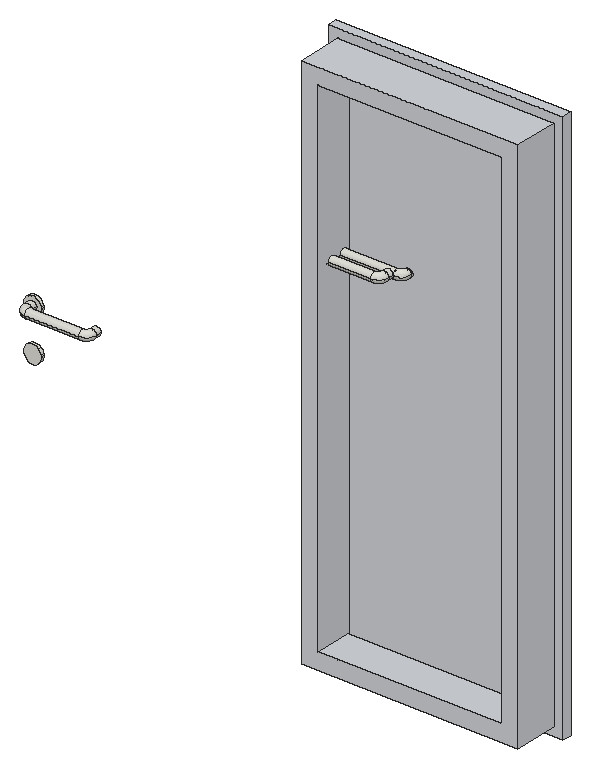
Revit family
Parameters
  프레임 투영 외부 = 25 mm
  프레임 투영 내부 = 25 mm
  프레임 폭 = 25 mm
  창호부호 = "FSD"
  문틀재료 = "1.6 ST'L EGI PL\r\nTHK 1.2 ST'L EGI PL  양면\r\n"
  문틀마감 = "조합페인트"
  문짝재료 = "1.2mm ST'L EGI PL  양면\r\nTHK 1.2 ST'L EGI PL  양면\r\nTHK 1.2 ST'L EGI PL  양면\r\n"
  문짝마감 = "정전분체도장"
  문번호 = "3"
  Height = 1500 mm
  Wall Closure = (empty or 0)
  Width = 600 mm
  Function = (empty or 0)
  Assembly Code = ""
Reference planes
  plane 1: y = 0
  plane 2 "중심(왼쪽/오른쪽)": x = 0
  plane 3 "왼쪽": x = -300
  plane 4 "오른쪽": x = 300
  plane 5: z = 1500
  plane 6 "외부": y = 95
  plane 7 "내부": y = -95
  plane 8 "축": x = -190
  plane 9: z = 940
  plane 10: y = 75
  plane 11: y = -75
Forms (mm)
  Extrusion 1, solid
    sketch origin (-3050, 95, 0) x (-1, 0, 0) y (0, 0, 1)
      loop
        line (-2750, 0) -> (-2750, 1500) -> (-3350, 1500) -> (-3350, 0) -> (-2750, 0)
      loop
        line (-2725, -25) -> (-2725, 1525) -> (-3375, 1525) -> (-3375, -25) -> (-2725, -25)
    from 0 to 25
  Sweep 2, solid
    path origin (0, -95, 0) x (1, 0, 0) y (0, 0, 1)
      loop
        line (-300, 0) -> (300, 0) -> (300, 1500) -> (-300, 1500) -> (-300, 0)
    profile origin (-300, -95, 750) x (-1, 0, 0) y (0, -1, 0)
      loop
        line (0, -65) -> (-45, -65) -> (-45, -170) -> (-30, -170) -> (-30, -215) -> (0, -215) -> (0, -65)
  Extrusion 3, solid
    sketch origin (0, 0, 0) x (1, 0, 0) y (0, 1, 0)
      loop
        line (-270, 75) -> (270, 75) -> (270, 115) -> (-270, 115) -> (-270, 75)
    from 0 to 1470
  Revolve 4, solid
    sketch origin (-190, 20, 0) x (0, -1, 0) y (0, 0, 1)
      loop
        arc (-114.576, 952.903) -> (-149.211, 974.937) -> (-180.957, 948.912) r 35
        line (-180.957, 948.912) -> (-177.421, 945.376) -> (-177.421, 940) -> (-75, 940) -> (-75, 952.903) -> (-114.576, 952.903)
      axis (-75, 940) -> (-180.957, 940)
    angle from 0 to 360
Lines and regions (mm)
  Opening 1
    outline origin (-3050, -95, 0) x (1, 0, 0) y (0, 0, 1)
      loop
        line (2750, 0) -> (3350, 0) -> (3350, 1500) -> (2750, 1500) -> (2750, 0)
  symbolic lines, style "입면도 스윙"
    curve 1: line (300, -95, 750) -> (-300, -95, 1500)
    curve 2: line (-300, 95, 0) -> (300, 95, 750)
  symbolic lines, style "Doors"
    curve 3: line (-236.819, 250.802, 0) -> (270, 115, 0)
    curve 4: line (-247.172, 212.165, 0) -> (-236.819, 250.802, 0)
    curve 5: line (259.647, 76.363, 0) -> (-247.172, 212.165, 0)
    curve 6: line (270, 115, 0) -> (259.647, 76.363, 0)
    curve 7: arc (-270.965, 120, 0) -> (-261.743, 166.773, 0) -> (-247.172, 212.165, 0) r 411.396
Text (mm)
  text "Exterior" at (-2295.016, 1099.543, 0), in view "참조 레벨"
  text "Exterior" at (0, 1615.38, 3698.081), in view "왼쪽"
  text "Exterior" at (0, 1036.032, 3874.932), in view "오른쪽"
Dimensions and locks
  equal spacing: plane 3 "왼쪽", plane 2 "중심(왼쪽/오른쪽)", plane 4 "오른쪽"
  "Width": plane 3 "왼쪽" to plane 4 "오른쪽"
  "Height": plane 5 to host wall
  host wall to plane 5 = 1500 mm  (x2)
  "프레임 투영 외부": Extrusion 1 to Extrusion 1
  "프레임 폭": plane 4 "오른쪽" to Extrusion 1 sketch curve
  "프레임 폭": plane 3 "왼쪽" to Extrusion 1 sketch curve
  "프레임 폭": plane 5 to Extrusion 1 sketch curve
  locked: plane 6 "외부" to host wall at 0
  locked: plane 7 "내부" to host wall
  locked: plane 3 "왼쪽" to plane 8 "축" at 110
  "프레임 폭": Extrusion 1 sketch curve to Extrusion 3
  aligned and locked: plane 3 "왼쪽" to Opening 1 sketch curve
  aligned and locked: plane 5 to Opening 1 sketch curve  (x2)
  aligned and locked: Opening 1 sketch curve to plane 4 "오른쪽"
  aligned and locked: Opening 1 sketch curve to level
  aligned and locked: plane 3 "왼쪽" to Extrusion 1 sketch curve
  aligned and locked: plane 5 to Extrusion 1 sketch curve  (x2)
  aligned and locked: plane 5 to curve 1
  aligned and locked: plane 1 to host wall
  aligned and locked: Extrusion 3 sketch curve to Sweep 2  (x2)
  aligned and locked: Extrusion 3 to Sweep 2
  aligned and locked: Sweep 2 sketch curve to plane 5
  aligned and locked: Sweep 2 sketch curve to plane 4 "오른쪽"
  aligned and locked: plane 3 "왼쪽" to Sweep 2 sketch curve
Automatic sketch dimensions
  Extrusion 3 sketch curve to host wall = 20 mm
  host wall to Extrusion 3 sketch curve = 20 mm
  Extrusion 1 sketch curve to level = 0 mm
  Extrusion 1 sketch curve to plane 4 "오른쪽" = 0 mm
  curve 2 to level = 0 mm
  curve 2 to plane 3 "왼쪽" = 0 mm
  curve 1 to plane 3 "왼쪽" = 0 mm
  curve 2 to plane 4 "오른쪽" = 0 mm
  curve 2 to curve 1 = 0 mm
  curve 1 to plane 4 "오른쪽" = 0 mm
  level to curve 2 = 750 mm
  Sweep 2 sketch curve to level = 0 mm
  Sweep 2 sketch curve to profile plane = 0 mm
  Sweep 2 sketch curve to Sweep 2 sketch curve = 30 mm
  Sweep 2 sketch curve to Sweep 2 sketch curve = 45 mm  (x2)
  Sweep 2 sketch curve to plane 7 "내부" = 215 mm
  Sweep 2 sketch curve to plane 7 "내부" = 65 mm
  Revolve 4 sketch curve to plane 9 = 0 mm  (x3)
  Revolve 4 sketch curve to host wall = 0 mm
  host wall to Revolve 4 sketch curve = 39.576 mm
  Revolve 4 sketch curve to Revolve 4 sketch curve = 5.424 mm
  Revolve 4 sketch curve to Revolve 4 sketch curve = 27.11 mm
  Revolve 4 sketch curve to Revolve 4 sketch curve = 30.311 mm
  Revolve 4 sketch curve to Revolve 4 sketch curve = 3.536 mm  (x2)
  Revolve 4 sketch curve to Revolve 4 sketch curve = 40.677 mm
  Revolve 4 sketch curve to plane 9 = 12.903 mm
  curve 7 to plane 3 "왼쪽" = 29.035 mm
  curve 5 to plane 3 "왼쪽" = 52.828 mm
  curve 4 to curve 4 = 10.353 mm
  curve 7 to plane 10 = 11.062 mm
  plane 2 "중심(왼쪽/오른쪽)" to curve 7 = 136.594 mm
  plane 10 to curve 6 = 1.363 mm
  plane 4 "오른쪽" to curve 6 = 40.353 mm
  curve 6 to curve 3 = 38.637 mm
Nested families
  nested 1: "KO_Door Handle" at (-270, 95, 0), type "KO_Door Handle"
  nested 2: "KO_Door Handle" at (-300, 55, 0), type "KO_Door Handle"
  nested 3: "KO_Door Handle" at (-635, -540, 0), type "KO_Door Handle"
Definition of nested family "KO_Door Handle"
  Reference planes
    plane 1 "중심(앞/뒤)": y = 0
    plane 2: z = 0
    plane 3 "중심(왼쪽/오른쪽)": x = 0
    plane 4 "하드웨어": z = 1000
  Forms (mm)
    Sweep 1, solid, material "하드웨어", detail levels fine
      path origin (0, 0, 1000) x (0, -1, 0) y (1, 0, 0)
        loop
          line (0, 0) -> (25, 0)
          arc (25, 0) -> (35.607, 4.393) -> (40, 15) r 15
          line (40, 15) -> (40, 165)
          arc (40, 165) -> (35.607, 175.607) -> (25, 180) r 15
          line (25, 180) -> (10, 180)
      profile origin (0, -12.5, 0) x (1, 0, 0) y (0, 0, 1)
        loop
          circle (0, 1000) r 12
    Extrusion 2, solid, material "하드웨어", detail levels fine
      sketch origin (0, 0, 0) x (1, 0, 0) y (0, 0, 1)
        loop
          circle (1.5, 1000) r 25
      from 0 to 8
    Extrusion 3, solid, material "하드웨어", detail levels fine
      sketch origin (0, 0, -120) x (1, 0, 0) y (0, 0, 1)
        loop
          circle (1.5, 1000) r 25
      from 0 to 8
  Cuts and joins
    joined: Sweep 1, Extrusion 2
  Dimensions and locks
    locked: plane 4 "하드웨어" to plane 2 at 1000
    locked: plane 4 "하드웨어" to Extrusion 3 at 120
